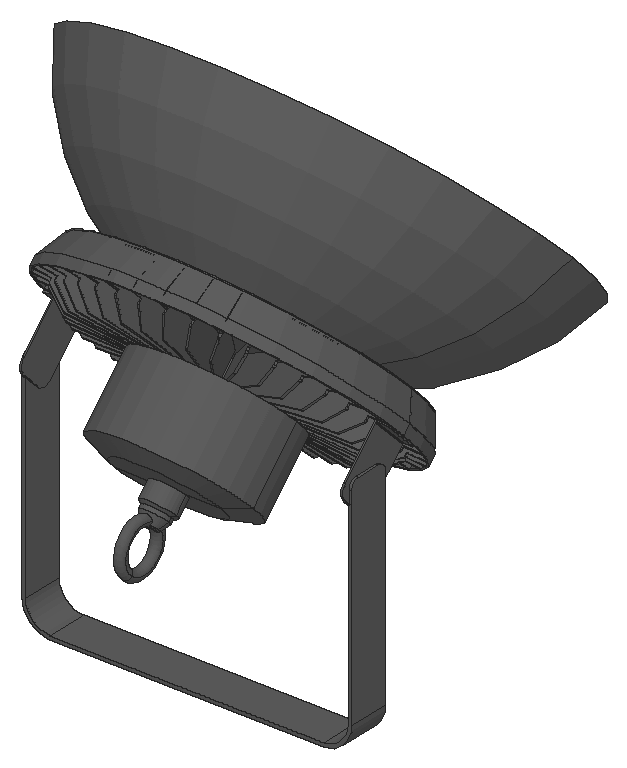
Revit family "0039351+0039354+0039357 Feilo Sylvania Lighting Fixture START HIGHBAY 6K 19KLM WIDE with BRACKET and ALU SHADE BLACK COLOR", category Lighting Fixtures, host Face, Revit 2017
Family settings
  Host = Face
  Round Connector Dimension = Use Diameter
  Part Type = Normal
  OmniClass Number = 23.80.70.00
  OmniClass Title = Lighting
  Cut with Voids When Loaded = No
  Light Source = No
  Shared = No
  Room Calculation Point = No
Parameters (values of type "0039351+0039354+0039357 START HIGHBAY 6K 19KLM WIDE with BRACKET and ALU SHADE BLACK COLOR")
  Weight = "3.4 kg"
  Wattage Comments = ""
  WarrantyStartDate [instance] = "n/a"
  WarrantyGuarantorParts = "n/a"
  WarrantyDurationUnit = "n/a"
  WarrantyDurationParts = "n/a"
  WarrantyDescription = "n/a"
  Voltage = 230 V
  URL = "http://www.sylvania-lighting.com"
  TypeName = "START HIGHBAY 6K 19KLM WIDE with BRACKET and ALU SHADE BLACK COLOR"
  TypeHead_FEILO = Start LED Highbay Head : 0039351+0039354+0039357 START HIGHBAY 6K 19KLM WIDE with BRACKET and ALU SHADE BLACK COLOR
  Type Image = <None>
  Type Comments = "n/a"
  TiltAngle_FEILO [instance] = 45.00°
  ThicknessBracketPlate_FEILO = 3 mm
  SizeBracketS_FEILO = no
  SizeBracketM_FEILO = yes
  SerialNumber [instance] = "n/a"
  RadiusBracketTop_FEILO = 7 mm
  RadiusBendOut_FEILO = if(SizeBracketS_FEILO, 18 mm, if(SizeBracketM_FEILO, 24 mm, 28 mm))  # 24 mm
  RadiusBendIn_FEILO = RadiusBendOut_FEILO - ThicknessBracketPlate_FEILO  # 21 mm
  Material_3_FEILO = none
  PowerFactor = 0.95
  PowerConsumption = "150 W"
  NominalLength = 296 mm
  NominalHeight = 177 mm
  NominalDepth = 296 mm
  Name = "START HIGHBAY 6K 19KLM WIDE with BRACKET and ALU SHADE BLACK COLOR"
  ModelReference = Name  # "START HIGHBAY 6K 19KLM WIDE with BRACKET and ALU SHADE BLACK COLOR"
  ModelNumber = "0039351+0039354+0039357"
  Model = Name  # "START HIGHBAY 6K 19KLM WIDE with BRACKET and ALU SHADE BLACK COLOR"
  Material = "aluminium alloy housing, polycarbonate diffuser"
  ManufacturerName = "Feilo Sylvania"
  Manufacturer = "Feilo Sylvania"
  LuminousEfficacy = "130 lm/W"
  LuminaireType = ""
  LightOutputRatio = "n/a"
  LampsType = Lamp  # "LED"
  LampNominalLuminous = "19500 lm"
  LampMacAdamStep = "n/a"
  LampColourTemperature = "6500 K"
  LampColourRenderingIndex = "80"
  Lamp = "LED"
  Keynote = "16500"
  InstallationDate [instance] = "n/a"
  InputVoltage = "220-240V~"
  InputNominalFrequency = "50/60 Hz"
  IngressProtection = "IP65"
  ImpactProtectionIndex = "IK08"
  IfcExportType = "IfcLightFixtureType"
  IfcExportAs = "IfcLightFixtureType"
  ExpectedLife = 50000
  EndAngle_FEILO [instance] = TiltAngle_FEILO + 180.00°  # 225.00°
  ElectricShockClassification = "Class I"
  DurationUnit = "hours"
  DocumentationLiterature = "http://www.sylvania-lighting.com/product/en-int/products/0039351"
  DimmingControlOptions = "n/a"
  Material_2_FEILO = none
  Description = "START HIGHBAY, includes 1 m cables, black aluminium housing, 19500LM, 150W, 130lm/W, 6500K, Driver current: 2140mA, CR80, 60° beam angle, 1-10V dimmable,  IP65, IK08, 50,000 hrs (L70B50), (LxWxH) 296x296x177mm"
  Default Elevation = 1219.2 mm
  CreatedOn = "2/28/2018"
  CreatedBy = ""
  Cost = 0
  built-in parameter 1114216 [instance] = (empty or 0)
  ClassificationValue = "EF_70_80"
  ClassificationName = "Uniclass2015"
  Material_1_FEILO = Body-Sylvania-StartHighbay-Black
  BracketHeight_FEILO = if(SizeBracketS_FEILO, 199.5 mm, if(SizeBracketM_FEILO, 209.6 mm, 201.3 mm))  # 209.6 mm
  BracketDistanceInner_FEILO = if(SizeBracketS_FEILO, 249.4 mm, if(SizeBracketM_FEILO, 273.6 mm, 313.2 mm))  # 273.6 mm
  BarCode [instance] = "n/a"
  AssetType = "Fixed"
  AssetIdentifier [instance] = "n/a"
  Assembly Code = "D5020200"
  Apparent Load = 150 VA
  Material_4_FEILO = none
Reference planes
  plane 1 "Center (Front/Back)": y = 0
  plane 2: z = 0
  plane 3 "Center (Left/Right)": x = 0
  plane 4: x = -139.8
  plane 5: x = 139.8
  plane 6: z = 209.6
  plane 7: x = -136.8
  plane 8: z = 3
  plane 9: x = 136.8
  plane 10: y = 17.5
  plane 11: y = -17.5
  plane 12: y = -19.5
  plane 13: z = 211.6
  plane 14: y = 19.5
  plane 15: z = 200.6
Forms (mm)
  Extrusion 1, solid, material "Body-Sylvania-StartHighbay-Black" <- "Material_1_FEILO"
    sketch origin (0, 0, 0) x (1, 0, 0) y (0, 0, 1)
      loop
        line (-139.8, 209.6) -> (-139.8, 24)
        arc (-139.8, 24) -> (-132.771, 7.029) -> (-115.8, 0) r 24
        line (-115.8, 0) -> (115.8, 0)
        arc (115.8, 0) -> (132.771, 7.029) -> (139.8, 24) r 24
        line (139.8, 24) -> (139.8, 209.6) -> (136.8, 209.6) -> (136.8, 24)
        arc (136.8, 24) -> (130.649, 9.151) -> (115.8, 3) r 21
        line (115.8, 3) -> (-115.8, 3)
        arc (-115.8, 3) -> (-130.649, 9.151) -> (-136.8, 24) r 21
        line (-136.8, 24) -> (-136.8, 209.6) -> (-139.8, 209.6)
    from -17.5 to 17.5
  Extrusion 2, void
    sketch origin (0, 0, 0) x (0, 1, 0) y (0, 0, 1)
      loop
        arc (10.5, 209.6) -> (15.45, 207.55) -> (17.5, 202.6) r 7
        line (17.5, 202.6) -> (19.5, 202.6) -> (19.5, 211.6) -> (-19.5, 211.6) -> (-19.5, 202.6) -> (-17.5, 202.6)
        arc (-17.5, 202.6) -> (-15.45, 207.55) -> (-10.5, 209.6) r 7
        line (-10.5, 209.6) -> (10.5, 209.6)
    from -139.8 to 139.8
  Revolve 3, solid, not visible
    sketch origin (1223.4, -4572, 200.6) x (0, -1, 0) y (1, 0, 0)
      loop
        line (-4572, -1223.4) -> (-4591.5, -1223.4) -> (-4591.5, -1277.783) -> (-4572, -1277.783) -> (-4572, -1223.4)
      axis (-4572, -1223.4) -> (-4572, -1277.783)
    angle from 45 <- "TiltAngle_FEILO" to 225 <- "EndAngle_FEILO"
Cuts and joins
  Extrusion 2 cuts Extrusion 1
Dimensions and locks
  "BracketHeight_FEILO": plane 6 to plane 2
  equal spacing: plane 11, plane 1 "Center (Front/Back)", plane 10
  locked: plane 11 to plane 10 at 35
  equal spacing: plane 9, plane 3 "Center (Left/Right)", plane 7
  "BracketDistanceInner_FEILO": plane 9 to plane 7
  "ThicknessBracketPlate_FEILO": plane 7 to plane 4
  "ThicknessBracketPlate_FEILO": plane 8 to plane 2
  equal spacing: plane 5, plane 3 "Center (Left/Right)", plane 4
  equal spacing: plane 12, plane 1 "Center (Front/Back)", plane 14
  locked: plane 6 to plane 13 at 2
  locked: plane 12 to plane 11 at 2
  locked: plane 6 to plane 15 at 9
  "RadiusBendOut_FEILO": radius of Extrusion 1 sketch curve  (x2)
  "RadiusBendIn_FEILO": radius of Extrusion 1 sketch curve  (x2)
  "RadiusBracketTop_FEILO": radius of Extrusion 2 sketch curve  (x2)
  aligned and locked: plane 2 to host face
  aligned and locked: level to host face
  aligned and locked: Extrusion 1 sketch curve to plane 4
  aligned and locked: Extrusion 1 sketch curve to level
  aligned and locked: plane 6 to Extrusion 1 sketch curve
  aligned and locked: Extrusion 1 sketch curve to plane 6
  aligned and locked: Extrusion 1 sketch curve to plane 7
  aligned and locked: plane 9 to Extrusion 1 sketch curve
  aligned and locked: plane 8 to Extrusion 1 sketch curve
  aligned and locked: Extrusion 1 to plane 10
  aligned and locked: plane 11 to Extrusion 1
  aligned and locked: Extrusion 1 to Extrusion 2 sketch curve
  aligned and locked: plane 14 to Extrusion 2 sketch curve  (x2)
  aligned and locked: Extrusion 2 sketch curve to plane 12
  aligned and locked: plane 13 to Extrusion 2 sketch curve
  aligned and locked: plane 5 to Extrusion 2
  aligned and locked: Extrusion 2 to plane 4
  aligned and locked: Revolve 3 sketch curve to plane 1 "Center (Front/Back)"
  aligned and locked: Revolve 3 sketch curve to Revolve 3 sketch curve
  aligned and locked: plane 3 "Center (Left/Right)" to Revolve 3 sketch curve
  aligned and locked: Revolve 3 sketch curve to plane 14
  aligned and locked: nested 1 to plane 3 "Center (Left/Right)"
Automatic sketch dimensions
  host sketch curve to host sketch curve = 2438.4 mm  (x2)
  Revolve 3 sketch curve to Revolve 3 sketch curve = 54.383 mm
  Revolve 3 sketch curve to plane 4 = 1396.3 mm
  plane 5 to Revolve 3 sketch curve = 1396.3 mm
  Extrusion 1 sketch curve to Extrusion 1 sketch curve = 0 mm
  Extrusion 2 sketch curve to plane 11 = 0 mm
  Extrusion 2 sketch curve to plane 10 = 0 mm
Nested families
  nested 1: "Start LED Highbay Head" at (0, 0, 200.6) x (-1, 0, 0) z (0, 0.7071, 0.7071), type <- "TypeHead_FEILO", type "0039351+0039354+0039357 START HIGHBAY 6K 19KLM WIDE with BRACKET and ALU SHADE BLACK COLOR"
    with built-in parameter 1114216 (empty or 0)
Connectors
  electrical at (0, 0, 0), driven by "Apparent Load", driven by "PowerFactor", driven by "Voltage"
    settings: index 1, voltage 230 V, apparent load 150 VA, apparent load phase1 0 VA, apparent load phase2 0 VA, apparent load phase3 0 VA, power factor 0.95, load classification "Lighting", number of poles 1, system type 30, power factor state 1, is connector primary yes, connector utility no, sub classification motor no, connector description ""
Definition of nested family "Start LED Highbay Head"
  Parameters (values of type "0039351+0039354+0039358 START HIGHBAY 6K 19KLM WIDE with BRACKET and PC LAMPSHADE TRANSPARENT ")
    X_FEILO = if(SizeS_FEILO, 60.3 mm, if(SizeM_FEILO, 70.4 mm, 83.5 mm))  # 70.4 mm
    WidthStraight_FEILO = if(SizeS_FEILO, 3 mm, if(SizeM_FEILO, 4 mm, 4.7 mm))  # 4 mm
    WidthRingChamfer_FEILO = if(SizeS_FEILO, 10.3 mm, if(SizeM_FEILO, 11.2 mm, 12.9 mm))  # 11.2 mm
    WidthCurved_FEILO = if(SizeS_FEILO, 17.4 mm, if(SizeM_FEILO, 16.4 mm, 26.2 mm))  # 16.4 mm
    WidthCurvedRing_FEILO = if(SizeS_FEILO, 3 mm, if(SizeM_FEILO, 4 mm, 4.7 mm))  # 4 mm
    WidthBracket_FEILO = 40 mm
    Wattage Comments = ""
    Wattage = 150 W
    built-in parameter 1150110 = 1 (stored number, unit not read)
    URL = "http://www.feilosylvania.com"
    Type Image = (empty or 0)
    Type Comments = "n/a"
    built-in parameter 1114217 = 1 (stored number, unit not read)
    Tilt Angle = -90.00°
    ThicknessWall_FEILO = 1.5 mm
    ThicknessBracket_FEILO = 1.5 mm
    ThicknessBracketHalf_FEILO = ThicknessBracket_FEILO / 2  # 0.75 mm
    built-in parameter 1150109 = 1 (stored number, unit not read)
    built-in parameter 1150134 = 1
    built-in parameter 1150113 = 1 (stored number, unit not read)
    SizeS_FEILO = no
    SizeM_FEILO = yes
    ShadeThickness_FEILO = 3 mm
    ShadeSizeSM_FEILO = or(SizeS_FEILO, SizeM_FEILO)  # yes
    ShadeRadiusOut_FEILO = 205 mm
    ShadeRadiusIn_FEILO = if(ShadeSizeSM_FEILO, 95 mm, 121 mm)  # 95 mm
    ShadeRadiusBend_FEILO = if(ShadeSizeSM_FEILO, 210 mm, 210 mm)  # 210 mm
    ShadeOn_FEILO = yes
    ShadeHeight_FEILO = if(ShadeSizeSM_FEILO, 120 mm, 151 mm)  # 120 mm
    Rib4_FEILO = if(SizeS_FEILO, 18.1 mm, if(SizeM_FEILO, 13.6 mm, 14.6 mm))  # 13.6 mm
    Rib3_FEILO = if(SizeS_FEILO, 15.3 mm, if(SizeM_FEILO, 17.6 mm, 20.2 mm))  # 17.6 mm
    Rib2_FEILO = if(SizeS_FEILO, 3.6 mm, if(SizeM_FEILO, 3.9 mm, 4.5 mm))  # 3.9 mm
    Rib1_FEILO = if(SizeS_FEILO, 15.1 mm, if(SizeM_FEILO, 16.5 mm, 19 mm))  # 16.5 mm
    RadiusDiffuser_FEILO = if(SizeS_FEILO, 95.2 mm, if(SizeM_FEILO, 105.3 mm, 120 mm))  # 105.3 mm
    RadiusArrayPost_FEILO = DriverRadius_FEILO - 6 mm  # 61.2 mm
    RHRadius3_FEILO = if(SizeS_FEILO, 6.6 mm, if(SizeM_FEILO, 7.4 mm, 8.6 mm))  # 7.4 mm
    RHRadius2_FEILO = if(SizeS_FEILO, 11 mm, if(SizeM_FEILO, 12 mm, 14 mm))  # 12 mm
    RHRadius1_FEILO = if(SizeS_FEILO, 13.6 mm, if(SizeM_FEILO, 14.9 mm, 17.7 mm))  # 14.9 mm
    RHHeight4_FEILO = if(SizeS_FEILO, 7.3 mm, if(SizeM_FEILO, 8 mm, 9.2 mm))  # 8 mm
    RHHeight3_FEILO = if(SizeS_FEILO, 3.6 mm, if(SizeM_FEILO, 3.7 mm, 4.6 mm))  # 3.7 mm
    RHHeight2_FEILO = if(SizeS_FEILO, 2 mm, if(SizeM_FEILO, 2.2 mm, 2.6 mm))  # 2.2 mm
    RHHeight1_FEILO = if(SizeS_FEILO, 11.8 mm, if(SizeM_FEILO, 15.3 mm, 17.4 mm))  # 15.3 mm
    Photometric Web File = "0039351+0039358.ies"
    Material_5_FEILO = none
    Material_3_FEILO = none
    Model = "START HIGHBAY 6K 19KLM WIDE with BRACKET and PC LAMPSHADE TRANSPARENT"
    Manufacturer = "Feilo Sylvania"
    built-in parameter 1150105 = 10854.2 (stored number, unit not read)
    Lumens = 19500 lm
    built-in parameter 1150115 = 1 (stored number, unit not read)
    built-in parameter 1150137 = (empty or 0)
    built-in parameter 1150139 = (empty or 0)
    built-in parameter 1150112 = 1 (stored number, unit not read)
    built-in parameter 1150114 = 1 (stored number, unit not read)
    Lamp = "LED"
    Keynote = "16500"
    built-in parameter 1150132 = (empty or 0)
    built-in parameter 1150102 = (empty or 0)
    built-in parameter 1150107 = 6500 (stored number, unit not read)
    built-in parameter 1150138 = (empty or 0)
    built-in parameter 1150106 = 108.54 (stored number, unit not read)
    HeightRing_FEILO = if(SizeS_FEILO, 19.8 mm, if(SizeM_FEILO, 32 mm, 36.8 mm))  # 32 mm
    HeightRingChamfer_FEILO = if(SizeS_FEILO, 11.7 mm, if(SizeM_FEILO, 23.2 mm, 26.6 mm))  # 23.2 mm
    EyeThickness_FEILO = if(SizeS_FEILO, 8.4 mm, if(SizeM_FEILO, 9.2 mm, 10.5 mm))  # 9.2 mm
    EyeThicknessHalf_FEILO = EyeThickness_FEILO / 2  # 4.6 mm
    EyeInner_FEILO = if(SizeS_FEILO, 13.8 mm, if(SizeM_FEILO, 15.1 mm, 17.3 mm))  # 15.1 mm
    Emit from Circle Diameter = RadiusDiffuser_FEILO * 2  # 210.6 mm
    Emit Shape Visible in Rendering = no
    built-in parameter 1150104 = 12.077 (stored number, unit not read)
    DriverVerticalStraight_FEILO = if(SizeS_FEILO, 46.5 mm, if(SizeM_FEILO, 49.7 mm, 57 mm))  # 49.7 mm
    DriverVerticalChamfer_FEILO = if(SizeS_FEILO, 7.5 mm, if(SizeM_FEILO, 8.2 mm, 9.5 mm))  # 8.2 mm
    DriverRadius_FEILO = if(SizeS_FEILO, 61.4 mm, if(SizeM_FEILO, 67.2 mm, 76.4 mm))  # 67.2 mm
    DriverRadiusTop_FEILO = if(SizeS_FEILO, 42 mm, if(SizeM_FEILO, 45.3 mm, 52.4 mm))  # 45.3 mm
    DriverBottom_FEILO = if(SizeS_FEILO, 56 mm, if(SizeM_FEILO, 64.5 mm, 74 mm))  # 64.5 mm
    Material_2_FEILO = none
    Radius_FEILO = if(SizeS_FEILO, 135 mm, if(SizeM_FEILO, 148 mm, 169.5 mm))  # 148 mm
    Dimming Lamp Color Temperature Shift = (empty or 0)
    DiameterWire_FEILO = 3 mm
    DiameterWireSupport_FEILO = 10 mm
    Description = "START HIGHBAY, includes 1 m cables, black aluminium housing, 19500LM, 150W, 130lm/W, 6500K, Driver current: 2140mA, CR80, 60° beam angle, 1-10V dimmable,  IP65, IK08, 50,000 hrs (L70B50), (LxWxH) 296x296x177mm"
    Default Elevation = 1219.2 mm
    Cost = 0
    Color Filter = 16777215
    built-in parameter 1114216 [instance] = (empty or 0)
    Material_1_FEILO = none
    built-in parameter 1114218 = 1 (stored number, unit not read)
    built-in parameter 1150133 = 10 (stored number, unit not read)
    Assembly Code = "D5020200"
    Apparent Load = 150 VA
    Material_4_FEILO = none
  Types (36, lengths in mm): name | X_FEILO | WidthStraight_FEILO | WidthRingChamfer_FEILO | WidthCurved_FEILO | WidthCurvedRing_FEILO | Wattage | built-in parameter 1150134 | SizeS_FEILO | SizeM_FEILO | ShadeSizeSM_FEILO | ShadeRadiusIn_FEILO | ShadeOn_FEILO | ShadeHeight_FEILO | Rib4_FEILO | Rib3_FEILO | Rib2_FEILO | Rib1_FEILO | RadiusDiffuser_FEILO | RadiusArrayPost_FEILO | RHRadius3_FEILO | RHRadius2_FEILO | RHRadius1_FEILO | RHHeight4_FEILO | RHHeight3_FEILO | RHHeight2_FEILO | RHHeight1_FEILO | Photometric Web File | Model | built-in parameter 1150105 | Lumens | built-in parameter 1150107 | built-in parameter 1150106 | HeightRing_FEILO | HeightRingChamfer_FEILO | EyeThickness_FEILO | EyeThicknessHalf_FEILO | EyeInner_FEILO | Emit from Circle Diameter | DriverVerticalStraight_FEILO | DriverVerticalChamfer_FEILO | DriverRadius_FEILO | DriverRadiusTop_FEILO | DriverBottom_FEILO | Radius_FEILO | Description | Apparent Load
    0039352+0039355+0039361 START HIGHBAY 6K 26KLM WIDE with BRACKET and PC LAMPSHADE TRANSPARENT | 83.5 | 4.7 | 12.9 | 26.2 | 4.7 | 200 W | 1 | no | no | no | 121 | yes | 151 | 14.6 | 20.2 | 4.5 | 19 | 120 | 70.4 | 8.6 | 14 | 17.7 | 9.2 | 4.6 | 2.6 | 17.4 | "0039352+0039361.ies" | "START HIGHBAY 6K 26KLM WIDE with BRACKET and PC LAMPSHADE TRANSPARENT" | 17911 (stored number, unit not read) | 26000 lm | 6500 (stored number, unit not read) | 179.11 (stored number, unit not read) | 36.8 | 26.6 | 10.5 | 5.25 | 17.3 | 240 | 57 | 9.5 | 76.4 | 52.4 | 74 | 169.5 | "START HIGHBAY, includes 1 m cables, black aluminium housing, 26000LM, 200W, 130lm/W, 6500K, Driver current: 5000mA, CR80, 60° beam angle, 1-10V dimmable,  IP65, IK08, 50,000 hrs (L70B50), (LxWxH) 339x339x194mm" | 200 VA
    0039352+0039355+0039360 START HIGHBAY 6K 26KLM WIDE with BRACKET and ALU SHADE BLACK COLOR | 83.5 | 4.7 | 12.9 | 26.2 | 4.7 | 200 W | 1 | no | no | no | 121 | yes | 151 | 14.6 | 20.2 | 4.5 | 19 | 120 | 70.4 | 8.6 | 14 | 17.7 | 9.2 | 4.6 | 2.6 | 17.4 | "0039352+0039360.ies" | "START HIGHBAY 6K 26KLM WIDE with BRACKET and ALU SHADE BLACK COLOR" | 14870 (stored number, unit not read) | 26000 lm | 6500 (stored number, unit not read) | 148.7 (stored number, unit not read) | 36.8 | 26.6 | 10.5 | 5.25 | 17.3 | 240 | 57 | 9.5 | 76.4 | 52.4 | 74 | 169.5 | "START HIGHBAY, includes 1 m cables, black aluminium housing, 26000LM, 200W, 130lm/W, 6500K, Driver current: 5000mA, CR80, 60° beam angle, 1-10V dimmable,  IP65, IK08, 50,000 hrs (L70B50), (LxWxH) 339x339x194mm" | 200 VA
    0039352+0039355+0039359 START HIGHBAY 6K 26KLM WIDE with BRACKET and ALU SHADE ALU COLOR | 83.5 | 4.7 | 12.9 | 26.2 | 4.7 | 200 W | 1 | no | no | no | 121 | yes | 151 | 14.6 | 20.2 | 4.5 | 19 | 120 | 70.4 | 8.6 | 14 | 17.7 | 9.2 | 4.6 | 2.6 | 17.4 | "0039352+0039359.ies" | "START HIGHBAY 6K 26KLM WIDE with BRACKET and ALU SHADE ALU COLOR" | 14870 (stored number, unit not read) | 26000 lm | 6500 (stored number, unit not read) | 148.7 (stored number, unit not read) | 36.8 | 26.6 | 10.5 | 5.25 | 17.3 | 240 | 57 | 9.5 | 76.4 | 52.4 | 74 | 169.5 | "START HIGHBAY, includes 1 m cables, black aluminium housing, 26000LM, 200W, 130lm/W, 6500K, Driver current: 5000mA, CR80, 60° beam angle, 1-10V dimmable,  IP65, IK08, 50,000 hrs (L70B50), (LxWxH) 339x339x194mm" | 200 VA
    0039352+0039355 START HIGHBAY 6K 26KLM WIDE with BRACKET | 83.5 | 4.7 | 12.9 | 26.2 | 4.7 | 200 W | 1 | no | no | no | 121 | no | 151 | 14.6 | 20.2 | 4.5 | 19 | 120 | 70.4 | 8.6 | 14 | 17.7 | 9.2 | 4.6 | 2.6 | 17.4 | "0039352.ies" | "START HIGHBAY 6K 26KLM WIDE with BRACKET" | 13836.2 (stored number, unit not read) | 26000 lm | 6500 (stored number, unit not read) | 138.36 (stored number, unit not read) | 36.8 | 26.6 | 10.5 | 5.25 | 17.3 | 240 | 57 | 9.5 | 76.4 | 52.4 | 74 | 169.5 | "START HIGHBAY, includes 1 m cables, black aluminium housing, 26000LM, 200W, 130lm/W, 6500K, Driver current: 5000mA, CR80, 60° beam angle, 1-10V dimmable,  IP65, IK08, 50,000 hrs (L70B50), (LxWxH) 339x339x194mm" | 200 VA
    0039351+0039354+0039358 START HIGHBAY 6K 19KLM WIDE with BRACKET and PC LAMPSHADE TRANSPARENT | 70.4 | 4 | 11.2 | 16.4 | 4 | 150 W | 1 | no | yes | yes | 95 | yes | 120 | 13.6 | 17.6 | 3.9 | 16.5 | 105.3 | 61.2 | 7.4 | 12 | 14.9 | 8 | 3.7 | 2.2 | 15.3 | "0039351+0039358.ies" | "START HIGHBAY 6K 19KLM WIDE with BRACKET and PC LAMPSHADE TRANSPARENT" | 10854.2 (stored number, unit not read) | 19500 lm | 6500 (stored number, unit not read) | 108.54 (stored number, unit not read) | 32 | 23.2 | 9.2 | 4.6 | 15.1 | 210.6 | 49.7 | 8.2 | 67.2 | 45.3 | 64.5 | 148 | "START HIGHBAY, includes 1 m cables, black aluminium housing, 19500LM, 150W, 130lm/W, 6500K, Driver current: 2140mA, CR80, 60° beam angle, 1-10V dimmable,  IP65, IK08, 50,000 hrs (L70B50), (LxWxH) 296x296x177mm" | 150 VA
    0039351+0039354+0039357 START HIGHBAY 6K 19KLM WIDE with BRACKET and ALU SHADE BLACK COLOR | 70.4 | 4 | 11.2 | 16.4 | 4 | 150 W | 1 | no | yes | yes | 95 | yes | 120 | 13.6 | 17.6 | 3.9 | 16.5 | 105.3 | 61.2 | 7.4 | 12 | 14.9 | 8 | 3.7 | 2.2 | 15.3 | "0039351+0039357.ies" | "START HIGHBAY 6K 19KLM WIDE with BRACKET and ALU SHADE BLACK COLOR" | 11152.5 (stored number, unit not read) | 19500 lm | 6500 (stored number, unit not read) | 111.52 (stored number, unit not read) | 32 | 23.2 | 9.2 | 4.6 | 15.1 | 210.6 | 49.7 | 8.2 | 67.2 | 45.3 | 64.5 | 148 | "START HIGHBAY, includes 1 m cables, black aluminium housing, 19500LM, 150W, 130lm/W, 6500K, Driver current: 2140mA, CR80, 60° beam angle, 1-10V dimmable,  IP65, IK08, 50,000 hrs (L70B50), (LxWxH) 296x296x177mm" | 150 VA
    0039351+0039354+0039356 START HIGHBAY 6K 19KLM WIDE with BRACKET and ALU SHADE ALU COLOR | 70.4 | 4 | 11.2 | 16.4 | 4 | 150 W | 1 | no | yes | yes | 95 | yes | 120 | 13.6 | 17.6 | 3.9 | 16.5 | 105.3 | 61.2 | 7.4 | 12 | 14.9 | 8 | 3.7 | 2.2 | 15.3 | "0039351+0039356.ies" | "START HIGHBAY 6K 19KLM WIDE with BRACKET and ALU SHADE ALU COLOR" | 11152.5 (stored number, unit not read) | 19500 lm | 6500 (stored number, unit not read) | 111.52 (stored number, unit not read) | 32 | 23.2 | 9.2 | 4.6 | 15.1 | 210.6 | 49.7 | 8.2 | 67.2 | 45.3 | 64.5 | 148 | "START HIGHBAY, includes 1 m cables, black aluminium housing, 19500LM, 150W, 130lm/W, 6500K, Driver current: 2140mA, CR80, 60° beam angle, 1-10V dimmable,  IP65, IK08, 50,000 hrs (L70B50), (LxWxH) 296x296x177mm" | 150 VA
    0039351+0039354 START HIGHBAY 6K 19KLM WIDE with BRACKET | 70.4 | 4 | 11.2 | 16.4 | 4 | 150 W | 1 | no | yes | yes | 95 | no | 120 | 13.6 | 17.6 | 3.9 | 16.5 | 105.3 | 61.2 | 7.4 | 12 | 14.9 | 8 | 3.7 | 2.2 | 15.3 | "0039351.ies" | "START HIGHBAY 6K 19KLM WIDE with BRACKET" | 10377.1 (stored number, unit not read) | 19500 lm | 6500 (stored number, unit not read) | 103.77 (stored number, unit not read) | 32 | 23.2 | 9.2 | 4.6 | 15.1 | 210.6 | 49.7 | 8.2 | 67.2 | 45.3 | 64.5 | 148 | "START HIGHBAY, includes 1 m cables, black aluminium housing, 19500LM, 150W, 130lm/W, 6500K, Driver current: 2140mA, CR80, 60° beam angle, 1-10V dimmable,  IP65, IK08, 50,000 hrs (L70B50), (LxWxH) 296x296x177mm" | 150 VA
    0039350+0039353+0039358 START HIGHBAY 6K 13KLM WIDE with BRACKET and PC LAMPSHADE TRANSPARENT | 60.3 | 3 | 10.3 | 17.4 | 3 | 100 W | 1 | yes | no | yes | 95 | yes | 120 | 18.1 | 15.3 | 3.6 | 15.1 | 95.2 | 55.4 | 6.6 | 11 | 13.6 | 7.3 | 3.6 | 2 | 11.8 | "0039350+0039358.ies" | "START HIGHBAY 6K 13KLM WIDE with BRACKET and PC LAMPSHADE TRANSPARENT" | 7236.1 (stored number, unit not read) | 13000 lm | 6500 (stored number, unit not read) | 72.361 (stored number, unit not read) | 19.8 | 11.7 | 8.4 | 4.2 | 13.8 | 190.4 | 46.5 | 7.5 | 61.4 | 42 | 56 | 135 | "START HIGHBAY, includes 1 m cables, black aluminium housing, 13000LM, 100W, 130lm/W, 6500K, Driver current: 2140mA, CR80, 60° beam angle, 1-10V dimmable,  IP65, IK08, 50,000 hrs (L70B50), (LxWxH) 270x270x170mm" | 100 VA
    0039350+0039353+0039357 START HIGHBAY 6K 13KLM WIDE with BRACKET and ALU SHADE BLACK COLOR | 60.3 | 3 | 10.3 | 17.4 | 3 | 100 W | 1 | yes | no | yes | 95 | yes | 120 | 18.1 | 15.3 | 3.6 | 15.1 | 95.2 | 55.4 | 6.6 | 11 | 13.6 | 7.3 | 3.6 | 2 | 11.8 | "0039350+0039357.ies" | "START HIGHBAY 6K 13KLM WIDE with BRACKET and ALU SHADE BLACK COLOR" | 7435 (stored number, unit not read) | 13000 lm | 6500 (stored number, unit not read) | 74.35 (stored number, unit not read) | 19.8 | 11.7 | 8.4 | 4.2 | 13.8 | 190.4 | 46.5 | 7.5 | 61.4 | 42 | 56 | 135 | "START HIGHBAY, includes 1 m cables, black aluminium housing, 13000LM, 100W, 130lm/W, 6500K, Driver current: 2140mA, CR80, 60° beam angle, 1-10V dimmable,  IP65, IK08, 50,000 hrs (L70B50), (LxWxH) 270x270x170mm" | 100 VA
    0039350+0039353+0039356 START HIGHBAY 6K 13KLM WIDE with BRACKET and ALU SHADE ALU COLOR | 60.3 | 3 | 10.3 | 17.4 | 3 | 100 W | 1 | yes | no | yes | 95 | yes | 120 | 18.1 | 15.3 | 3.6 | 15.1 | 95.2 | 55.4 | 6.6 | 11 | 13.6 | 7.3 | 3.6 | 2 | 11.8 | "0039350+0039356.ies" | "START HIGHBAY 6K 13KLM WIDE with BRACKET and ALU SHADE ALU COLOR" | 7435 (stored number, unit not read) | 13000 lm | 6500 (stored number, unit not read) | 74.35 (stored number, unit not read) | 19.8 | 11.7 | 8.4 | 4.2 | 13.8 | 190.4 | 46.5 | 7.5 | 61.4 | 42 | 56 | 135 | "START HIGHBAY, includes 1 m cables, black aluminium housing, 13000LM, 100W, 130lm/W, 6500K, Driver current: 2140mA, CR80, 60° beam angle, 1-10V dimmable,  IP65, IK08, 50,000 hrs (L70B50), (LxWxH) 270x270x170mm" | 100 VA
    0039350+0039353 START HIGHBAY 6K 13KLM WIDE with BRACKET | 60.3 | 3 | 10.3 | 17.4 | 3 | 100 W | 1 | yes | no | yes | 95 | no | 120 | 18.1 | 15.3 | 3.6 | 15.1 | 95.2 | 55.4 | 6.6 | 11 | 13.6 | 7.3 | 3.6 | 2 | 11.8 | "0039350.ies" | "START HIGHBAY 6K 13KLM WIDE with BRACKET" | 6918.1 (stored number, unit not read) | 13000 lm | 6500 (stored number, unit not read) | 69.181 (stored number, unit not read) | 19.8 | 11.7 | 8.4 | 4.2 | 13.8 | 190.4 | 46.5 | 7.5 | 61.4 | 42 | 56 | 135 | "START HIGHBAY, includes 1 m cables, black aluminium housing, 13000LM, 100W, 130lm/W, 6500K, Driver current: 2140mA, CR80, 60° beam angle, 1-10V dimmable,  IP65, IK08, 50,000 hrs (L70B50), (LxWxH) 270x270x170mm" | 100 VA
    0039349+0039355+0039361 START HIGHBAY 4K 26KLM WIDE with BRACKET and PC LAMPSHADE TRANSPARENT FOR | 83.5 | 4.7 | 12.9 | 26.2 | 4.7 | 200 W | 12 | no | no | no | 121 | yes | 151 | 14.6 | 20.2 | 4.5 | 19 | 120 | 70.4 | 8.6 | 14 | 17.7 | 9.2 | 4.6 | 2.6 | 17.4 | "0039349+0039361.ies" | "START HIGHBAY 4K 26KLM WIDE with BRACKET and PC LAMPSHADE TRANSPARENT FOR" | 17911 (stored number, unit not read) | 26000 lm | 4000 (stored number, unit not read) | 179.11 (stored number, unit not read) | 36.8 | 26.6 | 10.5 | 5.25 | 17.3 | 240 | 57 | 9.5 | 76.4 | 52.4 | 74 | 169.5 | "START HIGHBAY, includes 1 m cables, black aluminium housing, 26000LM, 200W, 130lm/W, 4000K, Driver current: 5000mA, CR80, 90° beam angle, 1-10V dimmable,  IP65, IK08, 50,000 hrs (L70B50), (LxWxH) 339x339x194mm" | 200 VA
    0039349+0039355+0039360 START HIGHBAY 4K 26KLM WIDE with BRACKET and ALU SHADE BLACK COLOR | 83.5 | 4.7 | 12.9 | 26.2 | 4.7 | 200 W | 12 | no | no | no | 121 | yes | 151 | 14.6 | 20.2 | 4.5 | 19 | 120 | 70.4 | 8.6 | 14 | 17.7 | 9.2 | 4.6 | 2.6 | 17.4 | "0039349+0039360.ies" | "START HIGHBAY 4K 26KLM WIDE with BRACKET and ALU SHADE BLACK COLOR" | 14870 (stored number, unit not read) | 26000 lm | 4000 (stored number, unit not read) | 148.7 (stored number, unit not read) | 36.8 | 26.6 | 10.5 | 5.25 | 17.3 | 240 | 57 | 9.5 | 76.4 | 52.4 | 74 | 169.5 | "START HIGHBAY, includes 1 m cables, black aluminium housing, 26000LM, 200W, 130lm/W, 4000K, Driver current: 5000mA, CR80, 90° beam angle, 1-10V dimmable,  IP65, IK08, 50,000 hrs (L70B50), (LxWxH) 339x339x194mm" | 200 VA
    0039349+0039355+0039359 START HIGHBAY 4K 26KLM WIDE with BRACKET and ALU SHADE ALU COLOR | 83.5 | 4.7 | 12.9 | 26.2 | 4.7 | 200 W | 12 | no | no | no | 121 | yes | 151 | 14.6 | 20.2 | 4.5 | 19 | 120 | 70.4 | 8.6 | 14 | 17.7 | 9.2 | 4.6 | 2.6 | 17.4 | "0039349+0039359.ies" | "START HIGHBAY 4K 26KLM WIDE with BRACKET and ALU SHADE ALU COLOR" | 14870 (stored number, unit not read) | 26000 lm | 4000 (stored number, unit not read) | 148.7 (stored number, unit not read) | 36.8 | 26.6 | 10.5 | 5.25 | 17.3 | 240 | 57 | 9.5 | 76.4 | 52.4 | 74 | 169.5 | "START HIGHBAY, includes 1 m cables, black aluminium housing, 26000LM, 200W, 130lm/W, 4000K, Driver current: 5000mA, CR80, 90° beam angle, 1-10V dimmable,  IP65, IK08, 50,000 hrs (L70B50), (LxWxH) 339x339x194mm" | 200 VA
    0039349+0039355 START HIGHBAY 4K 26KLM WIDE with BRACKET | 83.5 | 4.7 | 12.9 | 26.2 | 4.7 | 200 W | 12 | no | no | no | 121 | no | 151 | 14.6 | 20.2 | 4.5 | 19 | 120 | 70.4 | 8.6 | 14 | 17.7 | 9.2 | 4.6 | 2.6 | 17.4 | "0039349.ies" | "START HIGHBAY 4K 26KLM WIDE with BRACKET" | 13836.2 (stored number, unit not read) | 26000 lm | 4000 (stored number, unit not read) | 138.36 (stored number, unit not read) | 36.8 | 26.6 | 10.5 | 5.25 | 17.3 | 240 | 57 | 9.5 | 76.4 | 52.4 | 74 | 169.5 | "START HIGHBAY, includes 1 m cables, black aluminium housing, 26000LM, 200W, 130lm/W, 4000K, Driver current: 5000mA, CR80, 90° beam angle, 1-10V dimmable,  IP65, IK08, 50,000 hrs (L70B50), (LxWxH) 339x339x194mm" | 200 VA
    0039348+0039354+0039358 START HIGHBAY 4K 19KLM WIDE with BRACKET and PC LAMPSHADE TRANSPARENT | 70.4 | 4 | 11.2 | 16.4 | 4 | 150 W | 12 | no | yes | yes | 95 | yes | 120 | 13.6 | 17.6 | 3.9 | 16.5 | 105.3 | 61.2 | 7.4 | 12 | 14.9 | 8 | 3.7 | 2.2 | 15.3 | "0039348+0039358.ies" | "START HIGHBAY 4K 19KLM WIDE with BRACKET and PC LAMPSHADE TRANSPARENT" | 10854.2 (stored number, unit not read) | 19500 lm | 4000 (stored number, unit not read) | 108.54 (stored number, unit not read) | 32 | 23.2 | 9.2 | 4.6 | 15.1 | 210.6 | 49.7 | 8.2 | 67.2 | 45.3 | 64.5 | 148 | "START HIGHBAY, includes 1 m cables, black aluminium housing, 19500LM, 150W, 130lm/W, 4000K, Driver current: 3210mA, CR80, 90° beam angle, 1-10V dimmable,  IP65, IK08, 50,000 hrs (L70B50), (LxWxH) 296x296x177mm" | 150 VA
    0039348+0039354+0039357 START HIGHBAY 4K 19KLM WIDE with BRACKET and ALU SHADE BLACK COLOR | 70.4 | 4 | 11.2 | 16.4 | 4 | 150 W | 12 | no | yes | yes | 95 | yes | 120 | 13.6 | 17.6 | 3.9 | 16.5 | 105.3 | 61.2 | 7.4 | 12 | 14.9 | 8 | 3.7 | 2.2 | 15.3 | "0039348+0039357.ies" | "START HIGHBAY 4K 19KLM WIDE with BRACKET and ALU SHADE BLACK COLOR" | 11152.5 (stored number, unit not read) | 19500 lm | 4000 (stored number, unit not read) | 111.52 (stored number, unit not read) | 32 | 23.2 | 9.2 | 4.6 | 15.1 | 210.6 | 49.7 | 8.2 | 67.2 | 45.3 | 64.5 | 148 | "START HIGHBAY, includes 1 m cables, black aluminium housing, 19500LM, 150W, 130lm/W, 4000K, Driver current: 3210mA, CR80, 90° beam angle, 1-10V dimmable,  IP65, IK08, 50,000 hrs (L70B50), (LxWxH) 296x296x177mm" | 150 VA
    0039348+0039354+0039356 START HIGHBAY 4K 19KLM WIDE with BRACKET and ALU SHADE ALU COLOR | 70.4 | 4 | 11.2 | 16.4 | 4 | 150 W | 12 | no | yes | yes | 95 | yes | 120 | 13.6 | 17.6 | 3.9 | 16.5 | 105.3 | 61.2 | 7.4 | 12 | 14.9 | 8 | 3.7 | 2.2 | 15.3 | "0039348+0039356.ies" | "START HIGHBAY 4K 19KLM WIDE with BRACKET and ALU SHADE ALU COLOR" | 11152.5 (stored number, unit not read) | 19500 lm | 4000 (stored number, unit not read) | 111.52 (stored number, unit not read) | 32 | 23.2 | 9.2 | 4.6 | 15.1 | 210.6 | 49.7 | 8.2 | 67.2 | 45.3 | 64.5 | 148 | "START HIGHBAY, includes 1 m cables, black aluminium housing, 19500LM, 150W, 130lm/W, 4000K, Driver current: 3210mA, CR80, 90° beam angle, 1-10V dimmable,  IP65, IK08, 50,000 hrs (L70B50), (LxWxH) 296x296x177mm" | 150 VA
    0039348+0039354 START HIGHBAY 4K 19KLM WIDE with BRACKET | 70.4 | 4 | 11.2 | 16.4 | 4 | 150 W | 12 | no | yes | yes | 95 | no | 120 | 13.6 | 17.6 | 3.9 | 16.5 | 105.3 | 61.2 | 7.4 | 12 | 14.9 | 8 | 3.7 | 2.2 | 15.3 | "0039348.ies" | "START HIGHBAY 4K 19KLM WIDE with BRACKET" | 10377.1 (stored number, unit not read) | 19500 lm | 4000 (stored number, unit not read) | 103.77 (stored number, unit not read) | 32 | 23.2 | 9.2 | 4.6 | 15.1 | 210.6 | 49.7 | 8.2 | 67.2 | 45.3 | 64.5 | 148 | "START HIGHBAY, includes 1 m cables, black aluminium housing, 19500LM, 150W, 130lm/W, 4000K, Driver current: 3210mA, CR80, 90° beam angle, 1-10V dimmable,  IP65, IK08, 50,000 hrs (L70B50), (LxWxH) 296x296x177mm" | 150 VA
    0039347+0039353+0039358 START HIGHBAY 4K 13KLM WIDE with BRACKET and PC LAMPSHADE TRANSPARENT | 60.3 | 3 | 10.3 | 17.4 | 3 | 100 W | 12 | yes | no | yes | 95 | yes | 120 | 18.1 | 15.3 | 3.6 | 15.1 | 95.2 | 55.4 | 6.6 | 11 | 13.6 | 7.3 | 3.6 | 2 | 11.8 | "0039347+0039358.ies" | "START HIGHBAY 4K 13KLM WIDE with BRACKET and PC LAMPSHADE TRANSPARENT" | 7236.1 (stored number, unit not read) | 13000 lm | 4000 (stored number, unit not read) | 72.361 (stored number, unit not read) | 19.8 | 11.7 | 8.4 | 4.2 | 13.8 | 190.4 | 46.5 | 7.5 | 61.4 | 42 | 56 | 135 | "START HIGHBAY, includes 1 m cables, black aluminium housing, 13000LM, 100W, 130lm/W, 4000K, Driver current: 2140mA, CR80, 90° beam angle, 1-10V dimmable,  IP65, IK08, 50,000 hrs (L70B50), (LxWxH) 270x270x170mm" | 100 VA
    0039347+0039353+0039357 START HIGHBAY 4K 13KLM WIDE with BRACKET and ALU SHADE BLACK COLOR | 60.3 | 3 | 10.3 | 17.4 | 3 | 100 W | 12 | yes | no | yes | 95 | yes | 120 | 18.1 | 15.3 | 3.6 | 15.1 | 95.2 | 55.4 | 6.6 | 11 | 13.6 | 7.3 | 3.6 | 2 | 11.8 | "0039347+0039357.ies" | "START HIGHBAY 4K 13KLM WIDE with BRACKET and ALU SHADE BLACK COLOR" | 7435 (stored number, unit not read) | 13000 lm | 4000 (stored number, unit not read) | 74.35 (stored number, unit not read) | 19.8 | 11.7 | 8.4 | 4.2 | 13.8 | 190.4 | 46.5 | 7.5 | 61.4 | 42 | 56 | 135 | "START HIGHBAY, includes 1 m cables, black aluminium housing, 13000LM, 100W, 130lm/W, 4000K, Driver current: 2140mA, CR80, 90° beam angle, 1-10V dimmable,  IP65, IK08, 50,000 hrs (L70B50), (LxWxH) 270x270x170mm" | 100 VA
    0039347+0039353+0039356 START HIGHBAY 4K 13KLM WIDE with BRACKET and ALU SHADE ALU COLOR | 60.3 | 3 | 10.3 | 17.4 | 3 | 100 W | 12 | yes | no | yes | 95 | yes | 120 | 18.1 | 15.3 | 3.6 | 15.1 | 95.2 | 55.4 | 6.6 | 11 | 13.6 | 7.3 | 3.6 | 2 | 11.8 | "0039347+0039356.ies" | "START HIGHBAY 4K 13KLM WIDE with BRACKET and ALU SHADE ALU COLOR" | 7435 (stored number, unit not read) | 13000 lm | 4000 (stored number, unit not read) | 74.35 (stored number, unit not read) | 19.8 | 11.7 | 8.4 | 4.2 | 13.8 | 190.4 | 46.5 | 7.5 | 61.4 | 42 | 56 | 135 | "START HIGHBAY, includes 1 m cables, black aluminium housing, 13000LM, 100W, 130lm/W, 4000K, Driver current: 2140mA, CR80, 90° beam angle, 1-10V dimmable,  IP65, IK08, 50,000 hrs (L70B50), (LxWxH) 270x270x170mm" | 100 VA
    0039347+0039353 START HIGHBAY 4K 13KLM WIDE with BRACKET | 60.3 | 3 | 10.3 | 17.4 | 3 | 100 W | 12 | yes | no | yes | 95 | no | 120 | 18.1 | 15.3 | 3.6 | 15.1 | 95.2 | 55.4 | 6.6 | 11 | 13.6 | 7.3 | 3.6 | 2 | 11.8 | "0039347.ies" | "START HIGHBAY 4K 13KLM WIDE with BRACKET" | 6918.1 (stored number, unit not read) | 13000 lm | 4000 (stored number, unit not read) | 69.181 (stored number, unit not read) | 19.8 | 11.7 | 8.4 | 4.2 | 13.8 | 190.4 | 46.5 | 7.5 | 61.4 | 42 | 56 | 135 | "START HIGHBAY, includes 1 m cables, black aluminium housing, 13000LM, 100W, 130lm/W, 4000K, Driver current: 2140mA, CR80, 90° beam angle, 1-10V dimmable,  IP65, IK08, 50,000 hrs (L70B50), (LxWxH) 270x270x170mm" | 100 VA
    0039346+0039355+0039361 START HIGHBAY 4K 26KLM MEDIUM with BRACKET and PC LAMPSHADE TRANSPARENT | 83.5 | 4.7 | 12.9 | 26.2 | 4.7 | 200 W | 12 | no | no | no | 121 | yes | 151 | 14.6 | 20.2 | 4.5 | 19 | 120 | 70.4 | 8.6 | 14 | 17.7 | 9.2 | 4.6 | 2.6 | 17.4 | "0039346+0039361.ies" | "START HIGHBAY 4K 26KLM MEDIUM with BRACKET and PC LAMPSHADE TRANSPARENT" | 35142.4 (stored number, unit not read) | 26000 lm | 4000 (stored number, unit not read) | 351.42 (stored number, unit not read) | 36.8 | 26.6 | 10.5 | 5.25 | 17.3 | 240 | 57 | 9.5 | 76.4 | 52.4 | 74 | 169.5 | "START HIGHBAY, includes 1 m cables, black aluminium housing, 26000LM, 200W, 130lm/W, 4000K, Driver current: 5000mA, CR80, 60° beam angle, 1-10V dimmable,  IP65, IK08, 50,000 hrs (L70B50), (LxWxH) 339x339x194mm" | 200 VA
    0039346+0039355+0039360 START HIGHBAY 4K 26KLM MEDIUM with BRACKET and ALU SHADE BLACK COLOR | 83.5 | 4.7 | 12.9 | 26.2 | 4.7 | 200 W | 12 | no | no | no | 121 | yes | 151 | 14.6 | 20.2 | 4.5 | 19 | 120 | 70.4 | 8.6 | 14 | 17.7 | 9.2 | 4.6 | 2.6 | 17.4 | "0039346+0039360.ies" | "START HIGHBAY 4K 26KLM MEDIUM with BRACKET and ALU SHADE BLACK COLOR" | 35336 (stored number, unit not read) | 26000 lm | 4000 (stored number, unit not read) | 353.36 (stored number, unit not read) | 36.8 | 26.6 | 10.5 | 5.25 | 17.3 | 240 | 57 | 9.5 | 76.4 | 52.4 | 74 | 169.5 | "START HIGHBAY, includes 1 m cables, black aluminium housing, 26000LM, 200W, 130lm/W, 4000K, Driver current: 5000mA, CR80, 60° beam angle, 1-10V dimmable,  IP65, IK08, 50,000 hrs (L70B50), (LxWxH) 339x339x194mm" | 200 VA
    0039346+0039355+0039359 START HIGHBAY 4K 26KLM MEDIUM with BRACKET and ALU SHADE ALU COLOR | 83.5 | 4.7 | 12.9 | 26.2 | 4.7 | 200 W | 12 | no | no | no | 121 | yes | 151 | 14.6 | 20.2 | 4.5 | 19 | 120 | 70.4 | 8.6 | 14 | 17.7 | 9.2 | 4.6 | 2.6 | 17.4 | "0039346+0039359.ies" | "START HIGHBAY 4K 26KLM MEDIUM with BRACKET and ALU SHADE ALU COLOR" | 35336 (stored number, unit not read) | 26000 lm | 4000 (stored number, unit not read) | 353.36 (stored number, unit not read) | 36.8 | 26.6 | 10.5 | 5.25 | 17.3 | 240 | 57 | 9.5 | 76.4 | 52.4 | 74 | 169.5 | "START HIGHBAY, includes 1 m cables, black aluminium housing, 26000LM, 200W, 130lm/W, 4000K, Driver current: 5000mA, CR80, 60° beam angle, 1-10V dimmable,  IP65, IK08, 50,000 hrs (L70B50), (LxWxH) 339x339x194mm" | 200 VA
    0039346+0039355 START HIGHBAY 4K 26KLM MEDIUM with BRACKET | 83.5 | 4.7 | 12.9 | 26.2 | 4.7 | 200 W | 12 | no | no | no | 121 | no | 151 | 14.6 | 20.2 | 4.5 | 19 | 120 | 70.4 | 8.6 | 14 | 17.7 | 9.2 | 4.6 | 2.6 | 17.4 | "0039346.ies" | "START HIGHBAY 4K 26KLM MEDIUM with BRACKET" | 32161 (stored number, unit not read) | 26000 lm | 4000 (stored number, unit not read) | 321.61 (stored number, unit not read) | 36.8 | 26.6 | 10.5 | 5.25 | 17.3 | 240 | 57 | 9.5 | 76.4 | 52.4 | 74 | 169.5 | "START HIGHBAY, includes 1 m cables, black aluminium housing, 26000LM, 200W, 130lm/W, 4000K, Driver current: 5000mA, CR80, 60° beam angle, 1-10V dimmable,  IP65, IK08, 50,000 hrs (L70B50), (LxWxH) 339x339x194mm" | 200 VA
    0039345+0039354+0039358 START HIGHBAY 4K 19KLM MEDIUM with BRACKET and PC LAMPSHADE TRANSPARENT | 70.4 | 4 | 11.2 | 16.4 | 4 | 150 W | 12 | no | yes | yes | 95 | yes | 120 | 13.6 | 17.6 | 3.9 | 16.5 | 105.3 | 61.2 | 7.4 | 12 | 14.9 | 8 | 3.7 | 2.2 | 15.3 | "0039345+0039358.ies" | "START HIGHBAY 4K 19KLM MEDIUM with BRACKET and PC LAMPSHADE TRANSPARENT" | 24535.9 (stored number, unit not read) | 19500 lm | 4000 (stored number, unit not read) | 245.36 (stored number, unit not read) | 32 | 23.2 | 9.2 | 4.6 | 15.1 | 210.6 | 49.7 | 8.2 | 67.2 | 45.3 | 64.5 | 148 | "START HIGHBAY, includes 1 m cables, black aluminium housing, 19500LM, 150W, 130lm/W, 4000K, Driver current: 3210mA, CR80, 60° beam angle, 1-10V dimmable,  IP65, IK08, 50,000 hrs (L70B50), (LxWxH) 296x296x177mm" | 150 VA
    0039345+0039354+0039357 START HIGHBAY 4K 19KLM MEDIUM with BRACKET and ALU SHADE BLACK COLOR | 70.4 | 4 | 11.2 | 16.4 | 4 | 150 W | 12 | no | yes | yes | 95 | yes | 120 | 13.6 | 17.6 | 3.9 | 16.5 | 105.3 | 61.2 | 7.4 | 12 | 14.9 | 8 | 3.7 | 2.2 | 15.3 | "0039345+0039357.ies" | "START HIGHBAY 4K 19KLM MEDIUM with BRACKET and ALU SHADE BLACK COLOR" | 26502 (stored number, unit not read) | 19500 lm | 4000 (stored number, unit not read) | 265.02 (stored number, unit not read) | 32 | 23.2 | 9.2 | 4.6 | 15.1 | 210.6 | 49.7 | 8.2 | 67.2 | 45.3 | 64.5 | 148 | "START HIGHBAY, includes 1 m cables, black aluminium housing, 19500LM, 150W, 130lm/W, 4000K, Driver current: 3210mA, CR80, 60° beam angle, 1-10V dimmable,  IP65, IK08, 50,000 hrs (L70B50), (LxWxH) 296x296x177mm" | 150 VA
    0039345+0039354+0039356 START HIGHBAY 4K 19KLM MEDIUM with BRACKET and ALU SHADE ALU COLOR | 70.4 | 4 | 11.2 | 16.4 | 4 | 150 W | 12 | no | yes | yes | 95 | yes | 120 | 13.6 | 17.6 | 3.9 | 16.5 | 105.3 | 61.2 | 7.4 | 12 | 14.9 | 8 | 3.7 | 2.2 | 15.3 | "0039345+0039356.ies" | "START HIGHBAY 4K 19KLM MEDIUM with BRACKET and ALU SHADE ALU COLOR" | 26502 (stored number, unit not read) | 19500 lm | 4000 (stored number, unit not read) | 265.02 (stored number, unit not read) | 32 | 23.2 | 9.2 | 4.6 | 15.1 | 210.6 | 49.7 | 8.2 | 67.2 | 45.3 | 64.5 | 148 | "START HIGHBAY, includes 1 m cables, black aluminium housing, 19500LM, 150W, 130lm/W, 4000K, Driver current: 3210mA, CR80, 60° beam angle, 1-10V dimmable,  IP65, IK08, 50,000 hrs (L70B50), (LxWxH) 296x296x177mm" | 150 VA
    0039345+0039354 START HIGHBAY 4K 19KLM MEDIUM with BRACKET | 70.4 | 4 | 11.2 | 16.4 | 4 | 150 W | 12 | no | yes | yes | 95 | no | 120 | 13.6 | 17.6 | 3.9 | 16.5 | 105.3 | 61.2 | 7.4 | 12 | 14.9 | 8 | 3.7 | 2.2 | 15.3 | "0039345.ies" | "START HIGHBAY 4K 19KLM MEDIUM with BRACKET" | 24120.8 (stored number, unit not read) | 19500 lm | 4000 (stored number, unit not read) | 241.21 (stored number, unit not read) | 32 | 23.2 | 9.2 | 4.6 | 15.1 | 210.6 | 49.7 | 8.2 | 67.2 | 45.3 | 64.5 | 148 | "START HIGHBAY, includes 1 m cables, black aluminium housing, 19500LM, 150W, 130lm/W, 4000K, Driver current: 3210mA, CR80, 60° beam angle, 1-10V dimmable,  IP65, IK08, 50,000 hrs (L70B50), (LxWxH) 296x296x177mm" | 150 VA
    0039344+0039353+0039358 START HIGHBAY 4K 13KLM MEDIUM with BRACKET and PC LAMPSHADE TRANSPARENT | 60.3 | 3 | 10.3 | 17.4 | 3 | 100 W | 12 | yes | no | yes | 95 | yes | 120 | 18.1 | 15.3 | 3.6 | 15.1 | 95.2 | 55.4 | 6.6 | 11 | 13.6 | 7.3 | 3.6 | 2 | 11.8 | "0039344+0039358.ies" | "START HIGHBAY 4K 13KLM MEDIUM with BRACKET and PC LAMPSHADE TRANSPARENT" | 17571.2 (stored number, unit not read) | 13000 lm | 4000 (stored number, unit not read) | 175.71 (stored number, unit not read) | 19.8 | 11.7 | 8.4 | 4.2 | 13.8 | 190.4 | 46.5 | 7.5 | 61.4 | 42 | 56 | 135 | "START HIGHBAY, includes 1 m cables, black aluminium housing, 13000LM, 100W, 130lm/W, 4000K, Driver current: 2140mA, CR80, 60° beam angle, 1-10V dimmable,  IP65, IK08, 50,000 hrs (L70B50), (LxWxH) 270x270x170mm" | 100 VA
    0039344+0039353+0039357 START HIGHBAY 4K 13KLM MEDIUM with BRACKET and ALU SHADE BLACK COLOR | 60.3 | 3 | 10.3 | 17.4 | 3 | 100 W | 12 | yes | no | yes | 95 | yes | 120 | 18.1 | 15.3 | 3.6 | 15.1 | 95.2 | 55.4 | 6.6 | 11 | 13.6 | 7.3 | 3.6 | 2 | 11.8 | "0039344+0039357.ies" | "START HIGHBAY 4K 13KLM MEDIUM with BRACKET and ALU SHADE BLACK COLOR" | 17668 (stored number, unit not read) | 13000 lm | 4000 (stored number, unit not read) | 176.68 (stored number, unit not read) | 19.8 | 11.7 | 8.4 | 4.2 | 13.8 | 190.4 | 46.5 | 7.5 | 61.4 | 42 | 56 | 135 | "START HIGHBAY, includes 1 m cables, black aluminium housing, 13000LM, 100W, 130lm/W, 4000K, Driver current: 2140mA, CR80, 60° beam angle, 1-10V dimmable,  IP65, IK08, 50,000 hrs (L70B50), (LxWxH) 270x270x170mm" | 100 VA
    0039344+0039353+0039356 START HIGHBAY 4K 13KLM MEDIUM with BRACKET and ALU SHADE ALU COLOR | 60.3 | 3 | 10.3 | 17.4 | 3 | 100 W | 12 | yes | no | yes | 95 | yes | 120 | 18.1 | 15.3 | 3.6 | 15.1 | 95.2 | 55.4 | 6.6 | 11 | 13.6 | 7.3 | 3.6 | 2 | 11.8 | "0039344+0039356.ies" | "START HIGHBAY 4K 13KLM MEDIUM with BRACKET and ALU SHADE ALU COLOR" | 17668 (stored number, unit not read) | 13000 lm | 4000 (stored number, unit not read) | 176.68 (stored number, unit not read) | 19.8 | 11.7 | 8.4 | 4.2 | 13.8 | 190.4 | 46.5 | 7.5 | 61.4 | 42 | 56 | 135 | "START HIGHBAY, includes 1 m cables, black aluminium housing, 13000LM, 100W, 130lm/W, 4000K, Driver current: 2140mA, CR80, 60° beam angle, 1-10V dimmable,  IP65, IK08, 50,000 hrs (L70B50), (LxWxH) 270x270x170mm" | 100 VA
    0039344+0039353 START HIGHBAY 4K 13KLM MEDIUM with BRACKET | 60.3 | 3 | 10.3 | 17.4 | 3 | 100 W | 12 | yes | no | yes | 95 | no | 120 | 18.1 | 15.3 | 3.6 | 15.1 | 95.2 | 55.4 | 6.6 | 11 | 13.6 | 7.3 | 3.6 | 2 | 11.8 | "0039344.ies" | "START HIGHBAY 4K 13KLM MEDIUM with BRACKET" | 16080.5 (stored number, unit not read) | 13000 lm | 4000 (stored number, unit not read) | 160.81 (stored number, unit not read) | 19.8 | 11.7 | 8.4 | 4.2 | 13.8 | 190.4 | 46.5 | 7.5 | 61.4 | 42 | 56 | 135 | "START HIGHBAY, includes 1 m cables, black aluminium housing, 13000LM, 100W, 130lm/W, 4000K, Driver current: 2140mA, CR80, 60° beam angle, 1-10V dimmable,  IP65, IK08, 50,000 hrs (L70B50), (LxWxH) 270x270x170mm" | 100 VA
  Reference planes
    plane 1 "Center (Front/Back)": y = 0
    plane 2: z = 0
    plane 3 "Center (Left/Right)": x = 0
    plane 4: z = 70.4
    plane 5: x = -148
    plane 6: x = -136.8
    plane 7: z = 47.2
    plane 8: z = 38.4
    plane 9: x = -132.8
    plane 10: z = 67.775
    plane 11: x = -116.4
    plane 12: x = -105.3
    plane 13: x = -128.8
    plane 14: z = 68.775
    plane 15: z = 66.775
    plane 16: x = -102.3
    plane 17: z = 65.775
    plane 18: x = -146.5
    plane 19: x = -131.5
    plane 20: z = 34.5
    plane 21: x = -113.9
    plane 22: z = 20.9
    plane 23: x = -20
    plane 24: z = 5.9
    plane 25: x = -67.2
    plane 26: z = -43.8
    plane 27: x = -45.3
    plane 28: z = -52
    plane 29: x = -14.9
    plane 30: z = -67.3
    plane 31: z = -69.5
    plane 32: x = -12
    plane 33: z = -73.2
    plane 34: z = -81.2
    plane 35: x = -7.4
    plane 36: z = -96.3
    plane 37: z = -111.4
    plane 38: x = 4.6
    plane 39: x = -4.6
    plane 40: z = -120.6
    plane 41: z = -116
    plane 42: x = -141.65
    plane 43: x = -145.5
    plane 44: z = 36.9
    plane 45: x = -135.3
    plane 46: z = -18.95
    plane 47: y = -20
    plane 48: y = 20
    plane 49: x = 148
    plane 50: x = 136.8
    plane 51: x = 146.5
    plane 52: x = 141.65
    plane 53: x = 145.5
    plane 54: x = 135.3
    plane 55: x = -205
    plane 56: z = 190.4
    plane 57: x = -95
    plane 58: x = -87
    plane 59: x = -202
    plane 60: z = 73.4
  Forms (mm)
    Extrusion 1, solid
      sketch origin (4.2, 0, 0) x (1, 0, 0) y (0, 1, 0)
        loop
          line (-1219.2, 1219.2) -> (-1219.2, -1219.2) -> (1219.2, -1219.2) -> (1219.2, 1219.2) -> (-1219.2, 1219.2)
      from 0 to -68.017
    Revolve 2, solid, material <- "Material_1_FEILO", detail levels medium+fine
      sketch origin (0, 0, 0) x (1, 0, 0) y (0, 0, 1)
        loop
          line (-148, 38.4) -> (-146.5, 38.4) -> (-146.5, 46.857) -> (-136.402, 67.775) -> (-128.8, 67.775) -> (-128.8, 69.259)
          arc (-128.8, 69.259) -> (-130.811, 69.79) -> (-132.8, 70.4) r 52.543
          line (-132.8, 70.4) -> (-136.341, 70.4)
          arc (-136.341, 70.4) -> (-136.831, 70.225) -> (-137.099, 69.78) r 0.774
          line (-137.099, 69.78) -> (-148, 47.2) -> (-148, 38.4)
        axis (0, 70.4) -> (0, 38.4)
      angle from 360 to 0
    Revolve 3, solid, material <- "Material_1_FEILO", detail levels medium+fine
      sketch origin (0, 0, 0) x (1, 0, 0) y (0, 0, 1)
        loop
          line (-116.4, 65.775) -> (-105.3, 65.775) -> (-105.3, 47.2) -> (0, 47.2) -> (0, 65.775) -> (-102.3, 65.775) -> (-102.3, 66.775) -> (-105.3, 66.775) -> (-105.3, 67.775) -> (-116.4, 67.775) -> (-116.4, 65.775)
        axis (0, 67.775) -> (0, 47.2)
      angle from 360 to 0
    Revolve 4, solid, material <- "Material_2_FEILO", detail levels medium+fine
      sketch origin (0, 0, 0) x (1, 0, 0) y (0, 0, 1)
        loop
          line (-105.3, 66.775) -> (0, 66.775) -> (0, 68.775) -> (-105.3, 68.775) -> (-105.3, 66.775)
        axis (0, 68.775) -> (0, 66.775)
      angle from 360 to 0
    Revolve 5, solid, material <- "Material_1_FEILO"
      sketch origin (0, 0, 0) x (1, 0, 0) y (0, 0, 1)
        loop
          line (-67.2, 20.9) -> (-67.2, -43.8) -> (-45.3, -52) -> (-14.9, -52) -> (-14.9, -67.3) -> (-12, -69.5) -> (-12, -73.2) -> (-7.837, -80.474)
          arc (-7.837, -80.474) -> (-7.29, -81.006) -> (-6.553, -81.2) r 1.5
          line (-6.553, -81.2) -> (0, -81.2) -> (0, 20.9) -> (-67.2, 20.9)
        axis (0, 20.9) -> (0, -81.2)
      angle from 360 to 0
    Revolve 6, solid, material <- "Material_1_FEILO"
      sketch origin (0, 0, 0) x (1, 0, 0) y (0, 0, 1)
        loop
          circle (0, -116) r 4.6
        axis (4.6, -96.3) -> (-4.6, -96.3)
      angle from 360 to 0
    Extrusion 7, solid, material <- "Material_1_FEILO"
      sketch origin (0, 0, 0) x (1, 0, 0) y (0, 0, 1)
        loop
          line (-145.5, 38.4) -> (-145.5, 36.9) -> (-137.55, 36.9)
          arc (-137.55, 36.9) -> (-137.02, 36.68) -> (-136.8, 36.15) r 0.75
          line (-136.8, 36.15) -> (-136.8, -18.95) -> (-135.3, -18.95) -> (-135.3, 36.9)
          arc (-135.3, 36.9) -> (-135.739, 37.961) -> (-136.8, 38.4) r 1.5
          line (-136.8, 38.4) -> (-145.5, 38.4)
        loop
          line (145.5, 38.4) -> (136.8, 38.4)
          arc (136.8, 38.4) -> (135.739, 37.961) -> (135.3, 36.9) r 1.5
          line (135.3, 36.9) -> (135.3, -18.95) -> (136.8, -18.95) -> (136.8, 36.15)
          arc (136.8, 36.15) -> (137.02, 36.68) -> (137.55, 36.9) r 0.75
          line (137.55, 36.9) -> (145.5, 36.9) -> (145.5, 38.4)
      from -20 to 20
    Extrusion 8, void
      sketch origin (0, 0, 0) x (0, 1, 0) y (0, 0, 1)
        loop
          arc (-10, -18.95) -> (-17.071, -16.021) -> (-20, -8.95) r 10
          line (-20, -8.95) -> (-25, -8.95) -> (-25, -23.95) -> (-10, -23.95) -> (-10, -18.95)
        loop
          line (10, -18.95) -> (10, -23.95) -> (25, -23.95) -> (25, -8.95) -> (20, -8.95)
          arc (20, -8.95) -> (17.071, -16.021) -> (10, -18.95) r 10
      from -136.8 to 136.8
    Revolve 9, solid, material <- "Material_1_FEILO", detail levels coarse
      sketch origin (0, 0, 0) x (1, 0, 0) y (0, 0, 1)
        loop
          line (0, 70.4) -> (-136.8, 70.4) -> (-148, 47.2) -> (-148, 38.4) -> (-131.5, 38.4) -> (-131.5, 34.5) -> (-113.9, 20.9) -> (0, 20.9) -> (0, 70.4)
        axis (0, 70.4) -> (0, 20.9)
      angle from 360 to 0
    Revolve 10, solid, material <- "Material_4_FEILO", visible <- "ShadeOn_FEILO"
      sketch origin (0, 0, 0) x (1, 0, 0) y (0, 0, 1)
        loop
          line (-95, 70.4) -> (-87, 70.4) -> (-87, 73.4) -> (-94.341, 73.4)
          arc (-94.341, 73.4) -> (-159.747, 121.18) -> (-201.81, 190.4) r 207
          line (-201.81, 190.4) -> (-205, 190.4)
          arc (-205, 190.4) -> (-162.101, 119.308) -> (-95, 70.4) r 210
        axis (0, 190.4) -> (0, 70.4)
      angle from 360 to 0
  Cuts and joins
    Extrusion 8 cuts Extrusion 7
  Lines and regions (mm)
    reference lines
      curve 1: line (-148, 0, 47.2) -> (-136.8, 0, 70.4)
      curve 2: line (-116.4, 0, 67.775) -> (0, 0, 67.775)
      curve 3: arc (-116.4, 0, 67.775) -> (-124.704, 0, 68.435) -> (-132.8, 0, 70.4) r 52.543
      curve 4: line (-136.8, 0, 70.4) -> (-132.8, 0, 70.4)
      curve 5: line (-136.402, 0, 67.775) -> (-146.5, 0, 46.857)
      curve 6: line (-131.5, 0, 34.5) -> (-113.9, 0, 20.9)
      curve 7: line (-12, 0, -73.2) -> (-7.4, 0, -81.2)
      curve 8: circle (0, 0, -116) r 4.6 normal (0, -1, 0)
      curve 9: arc (-95, 0, 70.4) -> (-162.101, 0, 119.308) -> (-205, 0, 190.4) r 210
  Dimensions and locks
    "Radius_FEILO": plane 3 "Center (Left/Right)" to plane 5
    "WidthRingChamfer_FEILO": plane 6 to plane 5
    "WidthStraight_FEILO": plane 9 to plane 6
    "WidthCurvedRing_FEILO": plane 13 to plane 9
    locked: plane 10 to plane 15 at 1
    locked: plane 14 to plane 10 at 1
    locked: plane 4 to plane 10 at 2.625
    locked: plane 15 to plane 17 at 1
    "ThicknessWall_FEILO": plane 18 to plane 5
    "ThicknessWall_FEILO": curve 5 to curve 1
    "HeightRingChamfer_FEILO": plane 4 to plane 7
    "HeightRing_FEILO": plane 4 to plane 8
    "RadiusDiffuser_FEILO": plane 3 "Center (Left/Right)" to plane 12
    locked: plane 16 to plane 12 at 3
    "WidthCurved_FEILO": plane 11 to plane 9
    "X_FEILO": plane 4 to plane 2
    "Rib1_FEILO": plane 19 to plane 5
    "Rib2_FEILO": plane 8 to plane 20
    "Rib3_FEILO": plane 21 to plane 19
    "Rib4_FEILO": plane 20 to plane 22
    locked: plane 3 "Center (Left/Right)" to plane 23 at 20
    "DriverBottom_FEILO": plane 4 to plane 24
    "DriverRadius_FEILO": plane 3 "Center (Left/Right)" to plane 25
    "DriverVerticalStraight_FEILO": plane 24 to plane 26
    "DriverRadiusTop_FEILO": plane 3 "Center (Left/Right)" to plane 27
    "DriverVerticalChamfer_FEILO": plane 26 to plane 28
    "RHRadius1_FEILO": plane 3 "Center (Left/Right)" to plane 29
    "RHHeight2_FEILO": plane 30 to plane 31
    "RHRadius2_FEILO": plane 3 "Center (Left/Right)" to plane 32
